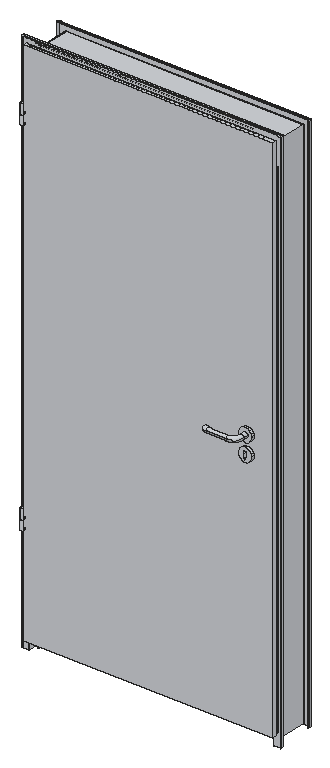
Revit family "BOS-Umfassungszarge-DIN-18111-1-MW_Familie", category Türen, Revit 2017
Family settings
  Basisbauteil = Wand
  Immer vertikal = Ja
  Beim Laden mit Abzugskörper schneiden = Nein
  Gemeinsam genutzt = Nein
  Raumberechnungspunkt = Ja
Parameters (values of type "Uud nach DIN 18111-1")
  Öffnungswínkel [instance] = if(Öffnungswinkel   Aperture < Öffnungswinkel min., Öffnungswinkel min., if(Öffnungswinkel   Aperture > Öffnungswinkel max., Öffnungswinkel max., Öffnungswinkel   Aperture))  # 0.00°
  Öffnungswinkel min. = 0.00°  # constant formula
  Öffnungswinkel max. = 180.00°  # constant formula
  Öffnungswinkel   Aperture [instance] = 0.00°
  Türblattaufschlag = 13 mm  # constant formula
  Türblattabstand unten = 7 mm  # constant formula
  Türblattabstand oben = 4 mm  # constant formula
  Türblattabstand links-rechts = 3.5 mm  # constant formula
  Stanzungenextrusionsende [instance] = Stanzungenextrusionsbeginn + 1.5 mm  # -8.5 mm
  Stanzungenextrusionsbeginn [instance] = -Putzwinkel vorne  # -10 mm
  Spiegel vorne min. = 30 mm  # constant formula
  Spiegel vorne max. = 30 mm  # constant formula
  Spiegel hinten min. = 30 mm  # constant formula
  Spiegel hinten max. = 30 mm  # constant formula
  Sickentiefe = 10 mm  # constant formula
  RNH Rohbau_Nennmaß_Höhe   Nominal Wall Opening Height Measurement [instance] = FMH Falzmaß Höhe + Einfügepunkt  # 2130 mm
  RNB Rohbau_Nennmaß_Breite   Nominal Wall Opening Width Measurement [instance] = FMB Falzmaß Breite + (2 * Einfügepunkt)  # 1010 mm
  Putzwinkel min. = 8 mm  # constant formula
  Putzwinkel max. = 28 mm  # constant formula
  Maßauswahl Hinweis sichtbar = yes
  MW Maulweite [instance] = if(Auswahl MW Maulweite   Receiving Opening Choice < 2, 80 mm, if(Auswahl MW Maulweite   Receiving Opening Choice = 2, 100 mm, if(Auswahl MW Maulweite   Receiving Opening Choice = 3, 130 mm, if(Auswahl MW Maulweite   Receiving Opening Choice = 4, 145 mm, if(Auswahl MW Maulweite   Receiving Opening Choice = 5, 160 mm, if(Auswahl MW Maulweite   Receiving Opening Choice = 6, 175 mm, if(Auswahl MW Maulweite   Receiving Opening Choice = 7, 205 mm, if(Auswahl MW Maulweite   Receiving Opening Choice = 8, 270 mm, if(Auswahl MW Maulweite   Receiving Opening Choice = 9, 290 mm, 330 mm)))))))))  # 145 mm
  Drehpunktreferenz horizontal = 500 mm  # constant formula
  Türblattversatz vertikal = -7.5 mm  # constant formula
  Türblattversatz  horizontal = 9.5 mm  # constant formula
  Türblattabstand 3 = 4.5 mm  # constant formula
  Türblattabstand 2 = 4.5 mm  # constant formula
  Türblattabstand 1 = if(Gefälzt, 1.5 mm, -2 mm)  # 1.5 mm
  Wandstärke   Wall Thickness [instance] = 145 mm
  Stumpf = 1 > 2  # no
  Putzwinkel vorne   Backbend Front [instance] = 10 mm  # constant formula
  Putzwinkel hinten   Backbend Back [instance] = 10 mm  # constant formula
  LDH Lichte Durchgangs Höhe   Clearance Height [instance] = FMH Falzmaß Höhe - Falzaufschlag gesamt  # 2093 mm
  LDB Lichte Durchgangs Breite   Clearance Width [instance] = FMB Falzmaß Breite - (2 * Falzaufschlag gesamt)  # 936 mm
  Gefälzt = [Uud nach DIN 18111-1]  # yes
  URL = "www.BestOfSteel.de/stahlzargen/zargen-fuer-drehfluegeltueren/zargen-gemaess-din/"
  Türblattstärke 3 = if(Doppelfalz, Falztiefe 2, 0 mm)  # 0 mm
  Türblattstärke 2 = Türblattstärke - Türblattstärke 1 - Türblattstärke 3  # 25.5 mm
  Türblattstärke 1 = if(Gefälzt, 14.5 mm, 0 mm)  # 14.5 mm
  Türblattstärke = if(Einfachfalz, 40 mm, 65 mm)  # 40 mm
  Typenbild = <Keine Auswahl>
  Spiegel vorne   Architrave Front [instance] = 30 mm  # constant formula
  Spiegel vorne [instance] = if(Spiegel vorne   Architrave Front < Spiegel vorne min., Spiegel vorne min., if(Spiegel vorne   Architrave Front > Spiegel vorne max., Spiegel vorne max., Spiegel vorne   Architrave Front))  # 30 mm
  Spiegel hinten   Architrave Back [instance] = 30 mm  # constant formula
  Spiegel hinten [instance] = if(Spiegel hinten   Architrave Back < Spiegel hinten min., Spiegel hinten min., if(Spiegel hinten   Architrave Back > Spiegel hinten max., Spiegel hinten max., Spiegel hinten   Architrave Back))  # 30 mm
  Rough Height = 0 mm  # constant formula
  Rough Width = 0 mm  # constant formula
  Rechtliche Hinweise [instance] = "www.BestOfSteel.de/tools-downloads/bim-building-information-modeling/"
  Putzwinkel vorne [instance] = if(Putzwinkel vorne   Backbend Front < Putzwinkel min., Putzwinkel min., if(Putzwinkel vorne   Backbend Front > Putzwinkel max., Putzwinkel max., Putzwinkel vorne   Backbend Front))  # 10 mm
  Putzwinkel hinten [instance] = if(Putzwinkel hinten   Backbend Back < Putzwinkel min., Putzwinkel min., if(Putzwinkel hinten   Backbend Back > Putzwinkel max., Putzwinkel max., Putzwinkel hinten   Backbend Back))  # 10 mm
  Information in English = no
  GT Gesamttiefe [instance] = GT Gesamttiefe_Zarge   Total Profile Depth  # 165 mm
  Funktion = Innen
  Falztiefe gesamt = if(Einfachfalz, Falztiefe, Falztiefe + Falztiefe 2)  # 28.5 mm
  Falztiefe 2 = 25 mm  # constant formula
  Falztiefe = Türblattstärke 2 - Türblattabstand 1 + Türblattabstand 2  # 28.5 mm
  Falzaufschlag gesamt = if(Einfachfalz, Falzaufschlag, 2 * Falzaufschlag)  # 15 mm
  FMH Falzmaß Höhe [instance] = if(Auswahl FMH Falzmaß Höhe   Rebate Height Measurement Choice < 2, 1983 mm, 2108 mm)  # 2108 mm
  FMB Falzmaß Breite [instance] = if(Auswahl FMB Falzmaß Breite   Rebate Width Measurement Choice < 2, 716 mm, if(Auswahl FMB Falzmaß Breite   Rebate Width Measurement Choice = 2, 841 mm, if(Auswahl FMB Falzmaß Breite   Rebate Width Measurement Choice = 3, 966 mm, 1091 mm)))  # 966 mm
  Drückerhöhe [instance] = if(Drückerhöhe   Handle Height < 850 mm, 850 mm, if(Drückerhöhe   Handle Height > 1050 mm, 1050 mm, Drückerhöhe   Handle Height))  # 1050 mm
  Drehpunkt Warnung sichtbar = yes
  Drehpunkt Warnung [instance] = and(Drehpunkt Warnung sichtbar, not(Öffnungswínkel = 0.00°))  # no
  Doppelfalz = 1 > 2  # no
  Einfachfalz = [Uud nach DIN 18111-1]  # yes
  Dichtungsversatz vertikal 1 [instance] = Falztiefe + 10 mm - Putzwinkel vorne  # 28.5 mm
  Dichtungsversatz horizontal 1 [instance] = 0 mm  # constant formula
  Dichtung 1 = or(Einfachfalz, Doppelfalz)  # yes
  Drehpunktposition vertikal [instance] = (Wandstärke   Wall Thickness / 2) + Putzwinkel vorne + [Drehpunktabstand (SP) vertikal]  # 91 mm
  Drehpunktposition horizontal [instance] = Drehpunktreferenz horizontal + Einfügepunkt + FMB Falzmaß Breite + [Drehpunktabstand (FM) horizontal]  # 1507 mm
  Drehpunktabstand (FM) horizontal = 19 mm  # constant formula
  Drehpunktabstand (SP) vertikal = 8.5 mm  # constant formula
  DIN Richtung [instance] = "DIN links/DIN rechts verwendbar"  # constant formula
  Bänder - Auswahl [instance] = "2D Bänder gefälzt, Bandaufnahmen BTV10200"  # constant formula
  Blechstärke = 1.5 mm  # constant formula
  BE max. = 100 mm  # constant formula
  BE Bodeneinstand [instance] = if(BE Bodeneinstand   Foundation Bedding < 0 mm, 0 mm, if(BE Bodeneinstand   Foundation Bedding > BE max., BE max., BE Bodeneinstand   Foundation Bedding))  # 30 mm
  Auswahl MW Maulweite   Receiving Opening Choice [instance] = 4
  Auswahl FMH Falzmaß Höhe   Rebate Height Measurement Choice [instance] = 2
  Auswahl FMB Falzmaß Breite   Rebate Width Measurement Choice [instance] = 3
  Modell = "Uud nach DIN 18111-1"
  Material - Zarge = none
  Material - Türblatt = none
  Material - Drückergarnitur = none
  Material - Dichtung = none
  Material - Bänder = none
  Material = "grundiert, feuerverzinktes Feinblech nach DIN EN 10143"
  Height [instance] = RNH Rohbau_Nennmaß_Höhe   Nominal Wall Opening Height Measurement  # 2130 mm
  Hersteller = "BOS GmbH Best Of Steel, Lütkenfelde 4, D-48282 Emsdetten"
  GT Gesamttiefe_Zarge   Total Profile Depth [instance] = MW Maulweite + Putzwinkel vorne + Putzwinkel hinten  # 165 mm
  MW Fehler [instance] = not(Wandstärke   Wall Thickness = MW Maulweite)  # no
  Einfügepunkt = 22 mm  # constant formula
  Drückerhöhe   Handle Height [instance] = 1050 mm  # constant formula
  Dicke = 0 mm  # constant formula
  Uud nach DIN 18111-1 = yes
  Width = 0 mm  # constant formula
  Beschreibung = "Umfassungszarge nach DIN 18111-1 für Mauerwerk, gefälzt"
  Bauelement = "BOS Stahlzarge"
  BOS-Architekten-Beratung = "Tel.: +49 (0) 2572 203-203; E-Mail: architekten@BestOfSteel.de"
  BE Bodeneinstand   Foundation Bedding [instance] = 30 mm  # constant formula
  BBL1 Bandbezugslinie   Hinge Position 1 = 241 mm  # constant formula
  BA Bandabstand   Distance Between Hinges [instance] = if(FMH Falzmaß Höhe < 1546 mm, 935 mm, if(FMH Falzmaß Höhe < 1671 mm, 1060 mm, if(FMH Falzmaß Höhe < 1796 mm, 1185 mm, if(FMH Falzmaß Höhe < 1921 mm, 1310 mm, if(FMH Falzmaß Höhe < 2171 mm, 1435 mm, if(FMH Falzmaß Höhe < 2296 mm, 1685 mm, if(FMH Falzmaß Höhe < 2421 mm, 1810 mm, if(FMH Falzmaß Höhe < 2546 mm, 1935 mm, if(FMH Falzmaß Höhe < 2671 mm, 2060 mm, if(FMH Falzmaß Höhe < 2796 mm, 2185 mm, 2310 mm))))))))))  # 1435 mm
  Falzaufschlag = 15 mm  # constant formula
  Technische Infos rund um die Stahlzarge = "www.BestOfSteel.de/tools-downloads/technische-infos-rund-um-die-stahlzarge/"
  Info-Texte sichtbar = yes
Reference planes
  plane 1 "Wand": y = 0
  plane 2 "Mitte (Links/rechts)": x = 125
  plane 3 "Hinten": y = 72.5
  plane 4 "Vorne": y = -72.5
  plane 5 "RNB links": x = -380
  plane 6 "RNB rechts": x = 630
  plane 7 "RNH oben": z = 2130
  plane 8 "BBL1": z = 1867
  plane 9 "Drückerhöhe": z = 1050
  plane 10 "BBL2": z = 432
  plane 11 "BE": z = -30
  plane 12 "FMH oben": z = 2108
  plane 13 "BE max.": z = -100
  plane 14 "FMB links": x = -358
  plane 15 "FMB rechts": x = 608
  plane 16 "Drehpunkt vertikal": y = -91
  plane 17 "Drehpunkt horizontal": x = -377
  plane 18 "Drehpunktreferenz horizontal": x = 1130
Forms (mm)
  Sweep 1, solid, material <- "Material - Zarge", visible <- "Einfachfalz", detail levels medium+fine
    path origin (0, -72.5, 0) x (-1, 0, 0) y (0, 0, 1)
      loop
        line (380, -30) -> (380, 2130) -> (-630, 2130) -> (-630, -30)
    profile "BOS-Uud_Profil : BOS-Uud_Profil" origin (-380, -72.5, 1050) x (1, 0, 0) y (0, 1, 0)
      loop
        arc (37, 152.5) -> (36.268, 154.268) -> (34.5, 155) r 2.5
        line (34.5, 155) -> (9.5, 155)
        arc (9.5, 155) -> (7.732, 154.268) -> (7, 152.5) r 2.5
        line (7, 152.5) -> (7, 145) -> (8.5, 145) -> (8.5, 152.5)
        arc (8.5, 152.5) -> (8.793, 153.207) -> (9.5, 153.5) r 1
        line (9.5, 153.5) -> (34.5, 153.5)
        arc (34.5, 153.5) -> (35.207, 153.207) -> (35.5, 152.5) r 1
        line (35.5, 152.5) -> (35.5, 21.25)
        arc (35.5, 21.25) -> (34.135, 20.005) -> (33.021, 21.479) r 1.25
        line (33.021, 21.479) -> (33.949, 26.449)
        arc (33.949, 26.449) -> (33.308, 28.917) -> (31, 30) r 3
        line (31, 30) -> (23, 30)
        arc (23, 30) -> (21.232, 29.268) -> (20.5, 27.5) r 2.5
        line (20.5, 27.5) -> (20.5, -7.5)
        arc (20.5, -7.5) -> (20.207, -8.207) -> (19.5, -8.5) r 1
        line (19.5, -8.5) -> (-5.5, -8.5)
        arc (-5.5, -8.5) -> (-6.207, -8.207) -> (-6.5, -7.5) r 1
        line (-6.5, -7.5) -> (-6.5, 0) -> (-8, 0) -> (-8, -7.5)
        arc (-8, -7.5) -> (-7.268, -9.268) -> (-5.5, -10) r 2.5
        line (-5.5, -10) -> (19.5, -10)
        arc (19.5, -10) -> (21.268, -9.268) -> (22, -7.5) r 2.5
        line (22, -7.5) -> (22, 27.5)
        arc (22, 27.5) -> (22.293, 28.207) -> (23, 28.5) r 1
        line (23, 28.5) -> (31, 28.5)
        arc (31, 28.5) -> (32.154, 27.958) -> (32.475, 26.725) r 1.5
        line (32.475, 26.725) -> (31.547, 21.755)
        arc (31.547, 21.755) -> (33.996, 18.512) -> (37, 21.25) r 2.75
        line (37, 21.25) -> (37, 152.5)
  Sweep 2, solid, material <- "Material - Dichtung", visible <- "Dichtung 1", detail levels medium+fine
    path origin (0, -72.5, 0) x (-1, 0, 0) y (0, 0, 1)
      loop
        line (358, 0) -> (358, 2108) -> (-608, 2108) -> (-608, 0)
    profile "BOS-Dichtung_Profil : BOS-Dichtung_Profil" origin (-358, -72.5, 1054) x (1, 0, 0) y (0, 1, 0)
      loop
        arc (2.601, 27.263) -> (2.248, 27.116) -> (2.102, 26.763) r 0.5
        line (2.102, 26.763) -> (2.102, 22.634)
        arc (2.102, 22.634) -> (2.243, 22.254) -> (2.599, 22.057) r 0.584
        line (2.599, 22.057) -> (7.702, 21.28)
        arc (7.702, 21.28) -> (8.08, 21.392) -> (8.234, 21.754) r 0.462
        line (8.234, 21.754) -> (8.069, 25.992)
        arc (8.069, 25.992) -> (7.918, 26.403) -> (7.556, 26.65) r 0.716
        arc (7.556, 26.65) -> (5.104, 27.16) -> (2.601, 27.263) r 15.257
      loop
        arc (2.671, 20.957) -> (2.274, 20.838) -> (2.102, 20.46) r 0.501
        line (2.102, 20.46) -> (2.102, 17.565)
        arc (2.102, 17.565) -> (2.227, 17.151) -> (2.561, 16.874) r 0.75
        line (2.561, 16.874) -> (9.159, 15)
        arc (9.159, 15) -> (9.738, 14.926) -> (10.314, 15.026) r 1.962
        arc (10.314, 15.026) -> (11.596, 15.754) -> (12.503, 16.916) r 3.79
        arc (12.503, 16.916) -> (12.466, 17.289) -> (12.114, 17.416) r 0.351
        arc (12.114, 17.416) -> (9.731, 17.818) -> (8.301, 19.767) r 3.215
        arc (8.301, 19.767) -> (8.101, 20.097) -> (7.751, 20.259) r 0.66
        line (7.751, 20.259) -> (2.671, 20.957)
      loop
        arc (9.885, 26.692) -> (6.361, 28.049) -> (2.611, 28.5) r 15.273
        arc (2.611, 28.5) -> (1.229, 28.241) -> (0, 27.558) r 4.388
        arc (0, 27.558) -> (-0.126, 27.198) -> (0.203, 27.005) r 0.3
        line (0.203, 27.005) -> (1.052, 27.179) -> (1.052, 22.212) -> (0.253, 21.589)
        arc (0.253, 21.589) -> (0.158, 21.198) -> (0.517, 21.017) r 0.324
        arc (0.517, 21.017) -> (0.888, 20.925) -> (1.052, 20.58) r 0.446
        line (1.052, 20.58) -> (1.052, 17.338) -> (0.255, 16.575)
        arc (0.255, 16.575) -> (0.205, 16.209) -> (0.55, 16.077) r 0.297
        arc (0.55, 16.077) -> (1.217, 16.194) -> (1.892, 16.137) r 2.63
        line (1.892, 16.137) -> (9.198, 14.049)
        arc (9.198, 14.049) -> (9.621, 14.008) -> (10.045, 14.024) r 3.219
        arc (10.045, 14.024) -> (12.714, 15.531) -> (14.033, 18.298) r 5.088
        arc (14.033, 18.298) -> (13.874, 18.708) -> (13.442, 18.788) r 0.451
        line (13.442, 18.788) -> (12.151, 18.352)
        arc (12.151, 18.352) -> (10.406, 18.72) -> (9.336, 20.147) r 2.533
        line (9.336, 20.147) -> (9.088, 25.569)
        arc (9.088, 25.569) -> (9.253, 25.964) -> (9.663, 26.087) r 0.501
        arc (9.663, 26.087) -> (10.021, 26.299) -> (9.885, 26.692) r 0.329
  Extrusion 3, void
    sketch origin (0, -72.5, 0) x (-1, 0, 0) y (0, 0, 1)
      loop
        line (379, 1867) -> (375, 1867) -> (375, 1832) -> (379, 1832) -> (379, 1867)
      loop
        line (379, 432) -> (375, 432) -> (375, 397) -> (379, 397) -> (379, 432)
      loop
        line (-629, 432) -> (-629, 397) -> (-625, 397) -> (-625, 432) -> (-629, 432)
      loop
        line (-629, 1867) -> (-629, 1832) -> (-625, 1832) -> (-625, 1867) -> (-629, 1867)
    from -10 <- "Stanzungenextrusionsbeginn" to -8.5 <- "Stanzungenextrusionsende"
  Sweep 4, void
    path origin (0, -72.5, 0) x (-1, 0, 0) y (0, 0, 1)
      loop
        line (380, 0) -> (380, 2130) -> (-125, 2130)
    profile origin (-380, -72.5, 1065) x (1, 0, 0) y (0, 1, 0)
      loop
        line (20.5, 0) -> (505, 0) -> (505, 145) -> (35.5, 145) -> (35.5, 30) -> (23, 30)
        arc (23, 30) -> (21.232, 29.268) -> (20.5, 27.5) r 2.5
        line (20.5, 27.5) -> (20.5, 0)
  Sweep 5, void
    path origin (0, -72.5, 0) x (-1, 0, 0) y (0, 0, 1)
      loop
        line (-630, 0) -> (-630, 2130) -> (-125, 2130)
    profile origin (630, -72.5, 1065) x (1, 0, 0) y (0, 1, 0)
      loop
        line (-505, 145) -> (-505, 0) -> (-20.5, 0) -> (-20.5, 27.5)
        arc (-20.5, 27.5) -> (-21.232, 29.268) -> (-23, 30) r 2.5
        line (-23, 30) -> (-35.5, 30) -> (-35.5, 145) -> (-505, 145)
Cuts and joins
  Extrusion 3 cuts Sweep 1
Lines and regions (mm)
  reference lines
    curve 1: line (65, 622.5, 0) -> (185, 622.5, 0)
    curve 2: line (-377, -91, 0) -> (323, -91, 0)
    curve 3: line (65, -322.5, 0) -> (185, -322.5, 0)
    curve 4: line (190.024, -615.948, 0) -> (59.976, -615.948, 0)
    curve 5: line (65, 122.5, 0) -> (185, 122.5, 0)
  symbolic lines, style "DoorsHiddenLines"
    curve 6: arc (630, -72.5, 0) -> (334.178, -786.678, 0) -> (-380, -1082.5, 0) r 1010
  symbolic lines, style "Doors"
    curve 7: line (-380, -72.5, 0) -> (-380, -1082.5, 0)
Text (mm)
  text "Außen     " at (-1696.17, 830.944, 0), in view "Ref.-Ebene"
  text "Außen" at (0, 1409.804, 2854.306), in view "Links"
  text "Placement side" at (0, 499.811, 2980.732), in view "Rechts"
Dimensions and locks
  locked: plane 3 "Hinten" to host wall
  locked: host wall to plane 4 "Vorne" at 0
  equal spacing: plane 5 "RNB links", plane 2 "Mitte (Links/rechts)", plane 6 "RNB rechts"
  "RNB Rohbau_Nennmaß_Breite   Nominal Wall Opening Width Measurement": plane 5 "RNB links" to plane 6 "RNB rechts"
  "Drückerhöhe": level to plane 9 "Drückerhöhe"
  "BE Bodeneinstand": plane 11 "BE" to level
  "Wandstärke   Wall Thickness": host wall to host wall
  "BBL1 Bandbezugslinie   Hinge Position 1": plane 12 "FMH oben" to plane 8 "BBL1"
  "BA Bandabstand   Distance Between Hinges": plane 8 "BBL1" to plane 10 "BBL2"
  "FMH Falzmaß Höhe": plane 12 "FMH oben" to level
  "RNH Rohbau_Nennmaß_Höhe   Nominal Wall Opening Height Measurement": plane 7 "RNH oben" to level
  curve 4 to curve 3 to plane 4 "Vorne" to plane 3 "Hinten" to curve 5 to curve 1 = 293.448 mm, 250 mm, 145 mm, 50 mm, 500 mm
  "BE max.": level to plane 13 "BE max."
  equal spacing: plane 14 "FMB links", plane 2 "Mitte (Links/rechts)", plane 15 "FMB rechts"
  "FMB Falzmaß Breite": plane 14 "FMB links" to plane 15 "FMB rechts"
  "Drehpunktreferenz horizontal": plane 6 "RNB rechts" to plane 18 "Drehpunktreferenz horizontal"
  "Drehpunktposition horizontal": plane 17 "Drehpunkt horizontal" to plane 18 "Drehpunktreferenz horizontal"
  Extrusion 3 sketch curve to plane 14 "FMB links" = 17 mm  (x2)
  Extrusion 3 sketch curve to plane 15 "FMB rechts" = 17 mm  (x2)
  "Drehpunktposition vertikal": plane 16 "Drehpunkt vertikal" to plane 1 "Wand"
  "Öffnungswínkel": angle curve 2 to plane 16 "Drehpunkt vertikal"
  aligned and locked: plane 1 "Wand" to host wall
  aligned and locked: plane 6 "RNB rechts" to nested 1
  aligned and locked: nested 1 to plane 4 "Vorne"
  aligned and locked: plane 9 "Drückerhöhe" to nested 1
  aligned and locked: Sweep 2 sketch curve to plane 14 "FMB links"
  aligned and locked: Sweep 2 sketch curve to plane 12 "FMH oben"
  aligned and locked: Sweep 2 sketch curve to plane 15 "FMB rechts"
  aligned and locked: plane 16 "Drehpunkt vertikal" to curve 2
  aligned and locked: plane 17 "Drehpunkt horizontal" to curve 2
  aligned and locked: plane 5 "RNB links" to nested 8
  aligned and locked: plane 4 "Vorne" to nested 8
  aligned and locked: plane 6 "RNB rechts" to nested 9
  aligned and locked: nested 9 to plane 4 "Vorne"
  aligned and locked: nested 2 to nested 8  (x2)
  aligned and locked: curve 1 to nested 3
  aligned and locked: plane 2 "Mitte (Links/rechts)" to nested 3
  aligned and locked: curve 5 to nested 7
  aligned and locked: plane 2 "Mitte (Links/rechts)" to nested 7
  aligned and locked: plane 18 "Drehpunktreferenz horizontal" to nested 4
  aligned and locked: plane 1 "Wand" to nested 4
  aligned and locked: curve 3 to nested 5
  aligned and locked: nested 5 to plane 2 "Mitte (Links/rechts)"
  aligned and locked: plane 10 "BBL2" to Extrusion 3 sketch curve
  aligned and locked: Extrusion 3 sketch curve to plane 10 "BBL2"
  aligned and locked: Extrusion 3 sketch curve to plane 8 "BBL1"
  aligned and locked: plane 8 "BBL1" to Extrusion 3 sketch curve
  aligned and locked: Sweep 4 sketch curve to plane 7 "RNH oben"
  aligned and locked: plane 2 "Mitte (Links/rechts)" to Sweep 4 sketch curve
  aligned and locked: plane 5 "RNB links" to Sweep 4 sketch curve
  aligned and locked: level to Sweep 4 sketch curve
  aligned and locked: Sweep 4 sketch curve to plane 2 "Mitte (Links/rechts)"
  aligned and locked: Sweep 4 sketch curve to nested 8  (x2)
  aligned and locked: nested 8 to Sweep 4 sketch curve  (x2)
  aligned and locked: Sweep 4 sketch curve to cut or joined group of Sweep 1, Extrusion 3
  aligned and locked: plane 7 "RNH oben" to Sweep 5 sketch curve
  aligned and locked: plane 2 "Mitte (Links/rechts)" to Sweep 5 sketch curve
  aligned and locked: plane 6 "RNB rechts" to Sweep 5 sketch curve
  aligned and locked: level to Sweep 5 sketch curve
  aligned and locked: Sweep 5 sketch curve to plane 2 "Mitte (Links/rechts)"
  aligned and locked: Sweep 5 sketch curve to nested 9  (x2)
  aligned and locked: nested 9 to Sweep 5 sketch curve  (x2)
  aligned and locked: nested 11 to plane 10 "BBL2"
  aligned and locked: plane 8 "BBL1" to nested 10
  aligned and locked: plane 17 "Drehpunkt horizontal" to nested 11
  aligned and locked: plane 16 "Drehpunkt vertikal" to nested 10
  aligned and locked: plane 16 "Drehpunkt vertikal" to nested 11
  aligned and locked: nested 12 to curve 2
  aligned and locked: Sweep 5 sketch curve to cut or joined group of Sweep 1, Extrusion 3
  aligned and locked: plane 17 "Drehpunkt horizontal" to nested 10
  aligned and locked: nested 6 to curve 4
  aligned and locked: nested 6 to plane 2 "Mitte (Links/rechts)"
Automatic sketch dimensions
  Sweep 1 sketch curve to plane 6 "RNB rechts" = 0 mm
  Sweep 1 sketch curve to plane 5 "RNB links" = 0 mm
  Sweep 1 sketch curve to plane 11 "BE" = 0 mm  (x2)
  Sweep 1 sketch curve to plane 7 "RNH oben" = 0 mm
  Sweep 2 sketch curve to level = 0 mm  (x2)
  curve 7 to plane 5 "RNB links" = 0 mm
  host wall to curve 6 = 0 mm
  curve 6 to plane 6 "RNB rechts" = 0 mm
  host wall to curve 7 = 0 mm
  Extrusion 3 sketch curve to plane 6 "RNB rechts" = 1 mm  (x2)
  plane 5 "RNB links" to Extrusion 3 sketch curve = 1 mm  (x2)
  Extrusion 3 sketch curve to Extrusion 3 sketch curve = 35 mm  (x4)
  curve 4 to plane 2 "Mitte (Links/rechts)" = 65.024 mm
  curve 5 to plane 2 "Mitte (Links/rechts)" = 60 mm
  curve 3 to plane 2 "Mitte (Links/rechts)" = 60 mm
  curve 1 to plane 2 "Mitte (Links/rechts)" = 60 mm
  plane 2 "Mitte (Links/rechts)" to curve 3 = 60 mm
  plane 2 "Mitte (Links/rechts)" to curve 1 = 60 mm
  plane 2 "Mitte (Links/rechts)" to curve 5 = 60 mm
  plane 2 "Mitte (Links/rechts)" to curve 4 = 65.024 mm
Nested families
  nested 1: "BOS-BOS_Modell" at (630, -72.5, 1050), type "BOS-BOS_Modell", not visible
  nested 2: "BOS-Logo_Modell" at (-368, 49.201, 0), type "BOS-Logo_Modell", detail levels fine
    with Abstand horizontal 4 mm
  nested 3: "BOS-Info-Texte_Beschriftung" at (125, 621.545, 0), visible <- "Info-Texte sichtbar", type "Technische Hinweise Norm"
  nested 4: "BOS-Info-Texte_Beschriftung" at (1130, -0.955, 0), visible <- "MW Fehler", type "Maulweite Fehlermeldung"
  nested 5: "BOS-Info-Texte_Beschriftung" at (125, -323.455, 0), visible <- "Drehpunkt Warnung", type "Drehpunkt Warnung"
  nested 6: "BOS-Info-Texte_Beschriftung" at (125, -616.903, 0), visible <- "Info-Texte sichtbar", type "Rechtliche Hinweise"
  nested 7: "BOS-Info-Texte_Beschriftung" at (125, 121.545, 0), visible <- "Maßauswahl Hinweis sichtbar", type "Maßauswahl"
  nested 8: "BOS-loser-Nagelanker_Detail" at (-365, -22.5, 0), type "BOS-loser-Nagelanker_Detail", detail levels fine
    with MW Maulweite 145 mm
  nested 9: "BOS-loser-Nagelanker_Detail" at (615, -22.5, 0) x (-1, 0, 0) z (0, 0, 1), type "BOS-loser-Nagelanker_Detail", detail levels fine
    with MW Maulweite 145 mm
  nested 10: "BOS-Band-V_Modell" at (-396.402, -114.5, 1867), type "BOS-Band-V_Modell", detail levels fine
    with Rechtliche Hinweise "www.BestOfSteel.de/tools-downloads/bim-building-information-modeling/"
  nested 11: "BOS-Band-V_Modell" at (-396.402, -114.5, 432), type "BOS-Band-V_Modell", detail levels fine
    with Rechtliche Hinweise "www.BestOfSteel.de/tools-downloads/bim-building-information-modeling/"
  nested 12: "BOS-Türblatt_Modell" at (125, -87.5, 0), type "BOS-Türblatt_Modell", detail levels medium+fine
    with Türblattversatz vertikal -7.5 mm, Türblattversatz horizontal 9.5 mm, Drehpunktabstand vertikal 72.5 mm, Drehpunktabstand horizontal 483 mm
Definition of nested family "BOS-Band-V_Modell"
  Parameters (values of type "BOS-Band-V_Modell")
    Öffnungswinkel = 0.00°
    URL = "www.BestOfSteel.de"
    Stumpf = no
    Rechtliche Hinweise [instance] = "www.BestOfSteel.de/tools-downloads/bim-building-information-modeling/"
    Model = ""
    Material - Bänder = none
    Gefälzt = yes
    Drehwinkel = abs(Öffnungswinkel)  # 0.00°
    Description = "Band V gefälzt oder stumpf"
    Keynote = "BOS Modell"
    BOS-Architekten-Beratung = "Tel.: +49 (0) 2572 203-203; E-Mail: architekten@BestOfSteel.de"
    Technische Infos rund um die Stahlzarge = "www.BestOfSteel.de/tools-downloads/technische-infos-rund-um-die-stahlzarge/"
  Reference planes
    plane 1: y = 23.5
    plane 2: z = 0
    plane 3: x = 19.402
  Forms (mm)
    Extrusion 1, solid, material <- "Material - Bänder"
      sketch origin (15.533, 25.102, 0) x (1, 0, 0) y (0, 1, 0)
        loop
          circle (3.869, -1.602) r 7.5
      from -0.5 to -38
    Extrusion 2, solid, material <- "Material - Bänder", visible <- "Stumpf"
      sketch origin (19.402, 23.5, 0) x (1, 0, 0) y (0, 1, 0)
        loop
          arc (6.632, 3.501) -> (7.125, 2.343) -> (7.416, 1.118) r 7.5
          line (7.416, 1.118) -> (24.009, 8.202)
          arc (24.009, 8.202) -> (25.113, 9.123) -> (25.527, 10.501) r 2.5
          line (25.527, 10.501) -> (23.027, 10.501) -> (6.632, 3.501)
      from 0.5 to 36
    Extrusion 3, solid, material <- "Material - Bänder", visible <- "Gefälzt"
      sketch origin (19.402, 23.5, 0) x (0, 0, 1) y (0, 1, 0)
        loop
          circle (19, 0) r 4
      from 0 to -9.5
    Extrusion 4, solid, material <- "Material - Bänder", visible <- "Gefälzt"
      sketch origin (19.402, 23.5, 0) x (0, 1, 0) y (-1, 0, 0)
        loop
          circle (0, 0) r 7.5
      from 0.5 to 38
    Extrusion 5, solid, material <- "Material - Bänder"
      sketch origin (0, 0, 0) x (1, 0, 0) y (0, 1, 0)
        loop
          line (17.944, 32) -> (17.944, 23.5) -> (20.859, 23.5) -> (20.859, 32) -> (17.944, 32)
      from -35 to -0.5
  Lines and regions (mm)
    reference lines
      curve 1: line (19.402, 23.5, 0) -> (124.402, 23.5, 0)
  Dimensions and locks
    "Drehwinkel": angle curve 1 to plane 1
    aligned and locked: level to plane 2
  Automatic sketch dimensions
    plane 1 to Extrusion 1 sketch curve = 0 mm
    Extrusion 1 sketch curve to plane 3 = 0 mm
    plane 1 to Extrusion 4 sketch curve = 0 mm
    Extrusion 4 sketch curve to plane 3 = 0 mm
    plane 1 to Extrusion 5 sketch curve = 0 mm
    Extrusion 5 sketch curve to plane 3 = 1.457 mm
    plane 3 to Extrusion 5 sketch curve = 1.457 mm
    Extrusion 5 sketch curve to plane 1 = 8.5 mm
    Extrusion 2 sketch curve to curve 1 = 0 mm  (x2)
    curve 1 to Extrusion 2 sketch curve = 6.632 mm
    Extrusion 2 sketch curve to curve 1 = 1.118 mm
    Extrusion 2 sketch curve to Extrusion 2 sketch curve = 0.784 mm
    Extrusion 2 sketch curve to Extrusion 2 sketch curve = 16.395 mm
    Extrusion 2 sketch curve to Extrusion 2 sketch curve = 0 mm
    Extrusion 2 sketch curve to curve 1 = 8.202 mm
    Extrusion 2 sketch curve to Extrusion 2 sketch curve = 0.982 mm
    Extrusion 2 sketch curve to Extrusion 2 sketch curve = 2.5 mm
    level to Extrusion 3 sketch curve = 19 mm
    plane 1 to curve 1 = 0 mm
    curve 1 to plane 3 = 0 mm
    radius of Extrusion 1 sketch curve = 7.5 mm
    radius of Extrusion 4 sketch curve = 7.5 mm
    radius of Extrusion 3 sketch curve = 4 mm
Definition of nested family "BOS-Türblatt_Modell"
  Parameters (values of type "BOS-Türblatt_Modell")
    Default Elevation = 1219.2 mm
    URL = "www.BestOfSteel.de"
    Türblattversatz vertikal = -3.5 mm
    Türblattversatz horizontal = 11.5 mm
    Technische Infos rund um die Stahlzarge = "www.BestOfSteel.de/tools-downloads/technische-infos-rund-um-die-stahlzarge/"
    Türblattaufschlag = 13 mm
    Türblattstärke 3 = 0 mm
    Türblattstärke 2 = 25.5 mm
    Türblattstärke 1 = 14.5 mm
    Türblattstärke = 40 mm
    Türblattabstand oben = 4 mm
    Türblattabstand unten = 7 mm
    Türblattabstand links-rechts = 3.5 mm
    TAH3 Türblatt Außenmaß Höhe 3 = FMH Zargen Falzmaß Höhe - Falzaufschlag - Türblattabstand oben - Türblattabstand unten  # 2082 mm
    TAH2 Türblatt Außenmaß Höhe 2 = FMH Zargen Falzmaß Höhe - Türblattabstand oben - Türblattabstand unten  # 2097 mm
    TAH Türblatt Außenmaß Höhe = FMH Zargen Falzmaß Höhe + if(Gefälzt, Türblattaufschlag, 0 mm) - Türblattabstand oben - Türblattabstand unten  # 2110 mm
    Stumpf = no
    Rechtliche Hinweise = "www.BestOfSteel.de/tools-downloads/bim-building-information-modeling/"
    Material - Türblatt = none
    Material - Drückergarnitur = none
    Glastürdrücker DIN rechts = no
    Glastürdrücker DIN links = no
    Gefälzt = yes
    FMH Zargen Falzmaß Höhe = 2108 mm
    FMB Zargen Falzmaß Breite = 966 mm
    Einfachfalz = yes
    Drückerhöhe = 1050 mm
    Drückerabstand = 100 mm
    Drehpunktabstand vertikal = (2 * Türblattstärke) + Türblattversatz vertikal  # 76.5 mm
    Drehpunktabstand horizontal = (TAB Türblatt Außenmass Breite / 2) + if(DIN links   DIN Left, -Türblattversatz horizontal, TAB Türblatt Außenmass Breite + Türblattversatz horizontal)  # 481 mm
    Doppelfalz = no
    Drückergarnitur DIN rechts = no
    Drückergarnitur DIN links = yes
    DIN rechts   DIN Right = no
    DIN links   DIN Left = yes
    Description = "Holz- oder Glastürblatt, mit Drücker, gefälzt oder stumpf"
    Keynote = "BOS Türblatt"
    TAB3 Türblatt Außenmass Breite Türblatt 3 = FMB Zargen Falzmaß Breite - 2 * (Falzaufschlag + [Türblattabstand links-rechts])  # 929 mm
    TAB Türblatt Außenmass Breite = FMB Zargen Falzmaß Breite + 2 * (if(Gefälzt, Türblattaufschlag, 0 mm) - [Türblattabstand links-rechts])  # 985 mm
    TAB2 Türblatt Außenmass Breite Türblatt 2 = FMB Zargen Falzmaß Breite - 2 * ([Türblattabstand links-rechts])  # 959 mm
    Falzaufschlag = 15 mm
    BOS-Architekten-Beratung = "Tel.: +49 (0) 2572 203-203, Fax -209; E-Mail: architekten@BestOfSteel.de"
  Reference planes
    plane 1: y = -7
    plane 2: z = 0
    plane 3: x = 0
    plane 4: z = 7
    plane 5: z = 2117
    plane 6: x = -492.5
    plane 7: x = 492.5
    plane 8: x = -479.5
    plane 9: x = 479.5
    plane 10: x = 464.5
    plane 11: x = -464.5
    plane 12: y = 7.5
    plane 13: y = 33
    plane 14: y = 33
    plane 15: z = 2104
    plane 16: z = 2089
    plane 17: x = -392.5
    plane 18: x = 392.5
    plane 19: y = 73
    plane 20: z = 1050
    plane 21: x = -502.5
    plane 22: x = 502.5
    plane 23: z = 2127
    plane 24: x = -985
    plane 25: x = -504
    plane 26: y = -3.5
  Forms (mm)
    Extrusion 1, solid, material <- "Material - Türblatt", detail levels medium+fine
      sketch origin (0, 0, 0) x (1, 0, 0) y (0, 1, 0)
        loop
          line (-492.5, 33) -> (-492.5, -7) -> (492.5, -7) -> (492.5, 33) -> (-492.5, 33)
      from 7 to 2117
    Extrusion 2, void
      sketch origin (0, 0, 0) x (1, 0, 0) y (0, 1, 0)
        loop
          line (-502.5, 73) -> (-502.5, 7.5) -> (-479.5, 7.5) -> (-479.5, 33) -> (-464.5, 33) -> (-464.5, 73) -> (-502.5, 73)
        loop
          line (464.5, 73) -> (464.5, 33) -> (479.5, 33) -> (479.5, 7.5) -> (502.5, 7.5) -> (502.5, 73) -> (464.5, 73)
      from 7 to 2117
    Extrusion 3, void
      sketch origin (0, 0, 0) x (0, 1, 0) y (0, 0, 1)
        loop
          line (73, 2127) -> (7.5, 2127) -> (7.5, 2104) -> (33, 2104) -> (33, 2089) -> (73, 2089) -> (73, 2127)
      from -492.5 to 492.5
  Cuts and joins
    Extrusion 2, Extrusion 3 cuts Extrusion 1
  Dimensions and locks
    "Türblattabstand unten": plane 4 to plane 2
    equal spacing: plane 6, plane 3, plane 7
    "TAB Türblatt Außenmass Breite": plane 6 to plane 7
    equal spacing: plane 8, plane 3, plane 9
    "TAB2 Türblatt Außenmass Breite Türblatt 2": plane 8 to plane 9
    equal spacing: plane 11, plane 3, plane 10
    "TAB3 Türblatt Außenmass Breite Türblatt 3": plane 11 to plane 10
    "Türblattstärke 1": plane 1 to plane 12
    "Türblattstärke 2": plane 13 to plane 12
    "Türblattstärke 3": plane 14 to plane 13
    "TAH Türblatt Außenmaß Höhe": plane 5 to plane 4
    "TAH2 Türblatt Außenmaß Höhe 2": plane 15 to plane 4
    "TAH3 Türblatt Außenmaß Höhe 3": plane 16 to plane 4
    "Drückerabstand": plane 6 to plane 17
    "Drückerabstand": plane 18 to plane 7
    "Türblattstärke": plane 19 to plane 14
    "Drückerhöhe": plane 20 to plane 2
    plane 21 to plane 6 = 10 mm
    plane 7 to plane 22 = 10 mm
    plane 23 to plane 5 = 10 mm
    "Drehpunktabstand horizontal": plane 24 to plane 25
    "TAB Türblatt Außenmass Breite": plane 24 to plane 3
    "Drehpunktabstand vertikal": plane 19 to plane 26
    aligned and locked: level to plane 2
    aligned and locked: Extrusion 1 sketch curve to plane 1
    aligned and locked: Extrusion 1 sketch curve to plane 6
    aligned and locked: Extrusion 1 sketch curve to plane 14
    aligned and locked: Extrusion 1 sketch curve to plane 7
    aligned and locked: Extrusion 1 to plane 4
    aligned and locked: plane 5 to Extrusion 1
    aligned and locked: plane 19 to Extrusion 2 sketch curve
    aligned and locked: plane 11 to Extrusion 2 sketch curve
    aligned and locked: plane 13 to Extrusion 2 sketch curve  (x2)
    aligned and locked: plane 8 to Extrusion 2 sketch curve
    aligned and locked: Extrusion 2 sketch curve to plane 12
    aligned and locked: plane 10 to Extrusion 2 sketch curve
    aligned and locked: plane 9 to Extrusion 2 sketch curve
    aligned and locked: plane 12 to Extrusion 2 sketch curve
    aligned and locked: Extrusion 2 sketch curve to plane 19
    aligned and locked: Extrusion 2 to plane 4
    aligned and locked: plane 5 to Extrusion 2
    aligned and locked: Extrusion 3 sketch curve to plane 12
    aligned and locked: plane 19 to Extrusion 3 sketch curve
    aligned and locked: Extrusion 3 sketch curve to plane 16
    aligned and locked: Extrusion 3 sketch curve to plane 15
    aligned and locked: Extrusion 3 sketch curve to plane 13
    aligned and locked: plane 7 to Extrusion 3
    aligned and locked: Extrusion 3 to plane 6
    aligned and locked: plane 22 to Extrusion 2 sketch curve
    aligned and locked: Extrusion 2 sketch curve to plane 21
    aligned and locked: plane 23 to Extrusion 3 sketch curve
    aligned and locked: nested 1 to plane 20
    aligned and locked: plane 20 to nested 3
    aligned and locked: plane 20 to nested 2
    aligned and locked: nested 4 to plane 20
    aligned and locked: nested 1 to plane 17
    aligned and locked: nested 3 to plane 17
    aligned and locked: nested 2 to plane 18
    aligned and locked: nested 4 to plane 18
    aligned and locked: plane 1 to nested 1
    aligned and locked: nested 3 to plane 14
    aligned and locked: plane 14 to nested 4
    aligned and locked: nested 2 to plane 1
  Nested families
    nested 1: "BOS-Drückergarnitur_Modell" at (-392.5, -7, 1050), visible <- "Drückergarnitur DIN rechts", type "BOS-Drückergarnitur_Modell", detail levels fine
    nested 2: "BOS-Drückergarnitur_Modell" at (392.5, -7, 1050) x (-1, 0, 0) z (0, 0, 1), visible <- "Drückergarnitur DIN links", type "BOS-Drückergarnitur_Modell", detail levels fine
    nested 3: "BOS-Drückergarnitur_Modell" at (-392.5, 33, 1050), visible <- "Drückergarnitur DIN rechts", type "BOS-Drückergarnitur_Modell", detail levels fine
    nested 4: "BOS-Drückergarnitur_Modell" at (392.5, 33, 1050) x (-1, 0, 0) z (0, 0, 1), visible <- "Drückergarnitur DIN links", type "BOS-Drückergarnitur_Modell", detail levels fine
  Definition of nested family "BOS-Drückergarnitur_Modell"
    Parameters (values of type "BOS-Drückergarnitur_Modell")
      URL = "www.BestOfSteel.de"
      Rechtliche Hinweise = "www.BestOfSteel.de/tools-downloads/bim-building-information-modeling/"
      Material - Drückergarnitur = none
      Description = "Drücker und Rosette"
      Keynote = "BOS Drückergarnitur"
      BOS-Architekten-Beratung = "Tel.: +49 (0) 2572 203-203, Fax -209; E-Mail: architekten@BestOfSteel.de"
      Allgemeine Informationen zu Stahlzargen = "www.BestOfSteel.de/tools-downloads/technische-infos-rund-um-die-stahlzarge/"
    Reference planes
      plane 1: y = 0
      plane 2: z = 0
      plane 3: x = 0
    Forms (mm)
      Sweep 1, solid, material <- "Material - Drückergarnitur"
        path origin (0, 0, 0) x (1, 0, 0) y (0, 1, 0)
          loop
            line (0, 0) -> (0, -10)
        profile origin (0, -5, 0) x (1, 0, 0) y (0, 0, 1)
          loop
            circle (0, 0) r 26
      Sweep 2, solid, material <- "Material - Drückergarnitur"
        path origin (0, 0, 0) x (1, 0, 0) y (0, 1, 0)
          loop
            line (0, -10) -> (0, -30.336)
            arc (0, -30.336) -> (8.201, -50.135) -> (28, -58.336) r 28
            line (28, -58.336) -> (108.063, -58.336)
            arc (108.063, -58.336) -> (116.614, -56.829) -> (124.133, -52.487) r 25
        profile origin (0, -20.168, 0) x (1, 0, 0) y (0, 0, 1)
          loop
            circle (0, 0) r 9
      Sweep 3, solid, material <- "Material - Drückergarnitur"
        path origin (0, 0, -70) x (1, 0, 0) y (0, 1, 0)
          loop
            line (0, 0) -> (0, -10)
        profile origin (0, -5, -70) x (1, 0, 0) y (0, 0, 1)
          loop
            circle (0, 0) r 26
          loop
            arc (-4.3, -12.6) -> (0, -16.9) -> (4.3, -12.6) r 4.3
            line (4.3, -12.6) -> (4.3, 0)
            arc (4.3, 0) -> (7.07, 8.305) -> (0, 13.47) r 7.421
            arc (0, 13.47) -> (-7.07, 8.305) -> (-4.3, 0) r 7.421
            line (-4.3, 0) -> (-4.3, -12.6)
    Dimensions and locks
      plane 2 to Sweep 3 = 70 mm
    Automatic sketch dimensions
      Sweep 1 sketch curve to plane 3 = 0 mm
      plane 1 to Sweep 1 sketch curve = 0 mm
      plane 1 to Sweep 1 sketch curve = 10 mm
      level to Sweep 1 sketch curve = 0 mm
      profile plane to Sweep 1 sketch curve = 0 mm
      Sweep 2 sketch curve to plane 3 = 0 mm
      plane 3 to Sweep 2 sketch curve = 28 mm
      plane 1 to Sweep 2 sketch curve = 33.336 mm
      Sweep 2 sketch curve to Sweep 2 sketch curve = 80.063 mm
      plane 1 to Sweep 2 sketch curve = 58.336 mm
      Sweep 2 sketch curve to Sweep 2 sketch curve = 16.07 mm
      plane 1 to Sweep 2 sketch curve = 10 mm
      level to Sweep 2 sketch curve = 0 mm
      profile plane to Sweep 2 sketch curve = 0 mm
      Sweep 3 sketch curve to plane 3 = 0 mm
      plane 1 to Sweep 3 sketch curve = 0 mm
      plane 1 to Sweep 3 sketch curve = 10 mm
      Sweep 3 sketch curve to Sweep 3 sketch curve = 0 mm  (x2)
      Sweep 3 sketch curve to profile plane = 0 mm  (x2)
      profile plane to Sweep 3 sketch curve = 0 mm  (x3)
      Sweep 3 sketch curve to Sweep 3 sketch curve = 4.3 mm
      Sweep 3 sketch curve to Sweep 3 sketch curve = 12.6 mm
      profile plane to Sweep 3 sketch curve = 6.049 mm
      radius of Sweep 1 sketch curve = 26 mm
      radius of Sweep 2 sketch curve = 9 mm
      radius of Sweep 3 sketch curve = 26 mm
Definition of nested family "BOS-BOS_Modell"
  Parameters (values of type "BOS-BOS_Modell")
    Abstand = 22 mm
  Reference planes
    plane 1 "Mitte (Vorne/hinten)": y = 0
    plane 2: z = 0
    plane 3 "Mitte (Links/rechts)": x = 0
    plane 4 "BOS": x = -22
  Dimensions and locks
    "Abstand": plane 4 "BOS" to plane 3 "Mitte (Links/rechts)"
    aligned and locked: level to plane 2
    aligned and locked: plane 1 "Mitte (Vorne/hinten)" to text3d elem
    aligned and locked: text3d elem to level
Definition of nested family "BOS-Logo_Modell"
  Parameters (values of type "BOS-Logo_Modell")
    URL = "www.BestOfSteel.de"
    Rechtliche Hinweise = "www.BestOfSteel.de/tools-downloads/bim-building-information-modeling/"
    Description = "BOS Logo"
    Keynote = "BOS Logo"
    BOS-Architekten-Beratung = "Tel.: +49 (0) 2572 203-203; E-Mail: architekten@BestOfSteel.de"
    Technische Infos rund um die Stahlzarge = "www.BestOfSteel.de/tools-downloads/technische-infos-rund-um-die-stahlzarge/"
    Abstand vertikal = 10 mm
    Abstand horizontal = 15 mm
  Reference planes
    plane 1: y = 0
    plane 2: z = 0
    plane 3: x = 0
    plane 4: x = -7
    plane 5: x = 7
    plane 6: y = 8.299
    plane 7: x = 15
    plane 8: y = 4.15
    plane 9: x = -15
    plane 10: y = 14.15
    plane 11: y = -5.85
  Dimensions and locks
    plane 4 to plane 3 to plane 5 = 7 mm, 7 mm
    "Abstand vertikal": plane 11 to plane 8 to plane 10
    plane 6 to plane 8 to plane 1 = 4.15 mm, 4.15 mm
    "Abstand horizontal": plane 9 to plane 3
    "Abstand horizontal": plane 3 to plane 7
    aligned and locked: level to plane 2
Definition of nested family "BOS-Info-Texte_Beschriftung"
  Parameters (values of type "Drehpunkt Warnung")
    Unten = no
    Schwarz = yes
    Rot = no
    Oben = yes
    Info-Text En unten = "Kein Text"
    Info-Text De unten = "Kein Text"
    Info-Text En oben = "The actual pivot point of the door leaf\r\nmay differ from the one illustrated!"
    Englisch unten rot = and(and(Unten, Englisch), Rot)  # no
    Englisch unten schwarz = and(and(Unten, Englisch), Schwarz)  # no
    Englisch oben rot = and(and(Oben, Englisch), Rot)  # no
    Englisch oben schwarz = and(and(Oben, Englisch), Schwarz)  # no
    Info-Text De oben = "Der tatsächliche Drehpunkt des Türblattes\r\nkann von der Darstellung abweichen!"
    Warndreieck = no
    Fehlerkreis = no
    Englisch = no
    Deutsch unten rot = and(and(Unten, Deutsch), Rot)  # no
    Deutsch unten schwarz = and(and(Unten, Deutsch), Schwarz)  # no
    Deutsch oben rot = and(and(Oben, Deutsch), Rot)  # no
    Deutsch oben schwarz = and(and(Oben, Deutsch), Schwarz)  # yes
    Deutsch = not(Englisch)  # yes
    Ausrufezeichen = "!"
  Types (12, lengths in mm): name | Unten | Schwarz | Rot | Oben | Info-Text En unten | Info-Text De unten | Info-Text En oben | Info-Text De oben | Warndreieck | Fehlerkreis | Deutsch unten schwarz | Deutsch oben rot | Deutsch oben schwarz
    Rechtliche Hinweise | no | yes | no | yes | "Kein Text" | "Kein Text" | "In accordance with the protection note according to DIN 34, the ownership and copyrights are reserved!\r\n© 2016 BOS GmbH, Emsdetten, Germany -\r\nObserve the ISO 16016 protective label (see ID data)!\r\n\r\nSubject to technical change!" | "Entsprechend dem Schutzvermerk nach DIN 34 behalten wir uns Eigentum und Urheberrecht vor!\r\n© 2016 BOS GmbH, Emsdetten, Deutschland -\r\nSchutzvermerk ISO 16016 beachten (siehe ID-Daten)!\r\n\r\nTechnische Änderungen vorbehalten!" | no | no | no | no | yes
    Maulweite Fehlermeldung | no | yes | no | yes | "Kein Text" | "Kein Text" | "Check the wall thickness!" | "Wandstärke prüfen!" | no | yes | no | no | yes
    Verstellbereich | no | yes | no | yes | "Kein Text" | "Kein Text" | "Adjustment area from -5 to +15mm,\r\nother adjustment areas possible" | "Verstellbereich von -5 bis +15mm\r\nanderer Verstellbereich möglich" | no | no | no | no | yes
    Verstellbereich wSvdW | no | yes | no | yes | "Kein Text" | "Kein Text" | "Adjustment area in the soffit from -2 to +15mm,\r\nother adjustment areas possible" | "Verstellbereich in der Zargenleibung von -2 bis +15mm\r\nanderer Verstellbereich möglich" | no | no | no | no | yes
    Wandartauswahl 15Nz15Z | no | yes | no | yes | "Kein Text" | "Kein Text" | "Attention for stud walls: underlay from site required!\r\nFor DIN door leaves, select larger structural wall measurements.\r\nFor selection \"stud walls\":\r\nsee 'Features' (remove tick for brick walls)" | "Achtung bei Ständerwerk: bauseitige Unterfütterung erforderlich!\r\nBei DIN-Türblatt Rohbaumaße größer wählen.\r\nFür Auswahl \"Ständerwerk\": \r\nsiehe 'Eigenschaften' (Häkchen entfernen bei Mauerwerk)." | no | no | no | no | yes
    Technische Hinweise | no | yes | no | yes | "Kein Text" | "Kein Text" | "Due to manufacturing reasons this Revit family may not be changed\r\nwithout consulting BOS!\r\n\r\nDo not mirror frames (door list)!\r\nsee ‘Features’: DIN left / DIN right\r\n\r\nThe solid and stud walls or, for example, their profiles,\r\nmust be designed so that they can reliably and sustainably\r\nabsorb the static and dynamic forces resulting\r\nfrom the load on the door element used." | "Diese Revit-Familie darf aus fertigungstechnischen Gründen\r\nnicht ohne Rücksprache mit BOS abgeändert werden!\r\n\r\nZargen nicht spiegeln (Türliste)!\r\nsiehe 'Eigenschaften': DIN links / DIN rechts\r\n\r\nDie Massiv- und Ständerwerkswände bzw. deren Profile\r\nmüssen so ausgebildet sein, dass sie die statischen\r\nund dynamischen Kräfte, welche sich aus der Belastung\r\nder verwendeten Türelements ergeben, zuverlässig\r\nund nachhaltig aufnehmen können." | no | no | no | no | yes
    Drückerhöhe Warnung | yes | yes | no | no | "Please take the handle depth/height and/or DIN opening direction into account" | "Drückertiefen/-höhen und/oder DIN Richtungen beachten/anpassen!" | "Kein Text" | "Kein Text" | yes | no | yes | no | no
    Maulweite-Dehnungsfuge Fehlermeldung | no | yes | no | yes | "Kein Text" | "Kein Text" | "Check the wall thickness and/or expansion joint!" | "Wandstärke und/oder Dehnungsfuge prüfen!" | no | yes | no | no | yes
    Technische Hinweise Norm | no | yes | no | yes | "Kein Text" | "Kein Text" | "Due to manufacturing reasons this Revit family may not be changed\r\nwithout consulting BOS!\r\n\r\nThe solid and stud walls or, for example, their profiles,\r\nmust be designed so that they can reliably and sustainably\r\nabsorb the static and dynamic forces resulting\r\nfrom the load on the door element used." | "Diese Revit-Familie darf aus fertigungstechnischen Gründen\r\nnicht ohne Rücksprache mit BOS abgeändert werden!\r\n\r\nDie Massiv- und Ständerwerkswände bzw. deren Profile\r\nmüssen so ausgebildet sein, dass sie die statischen\r\nund dynamischen Kräfte, welche sich aus der Belastung\r\nder verwendeten Türelements ergeben, zuverlässig\r\nund nachhaltig aufnehmen können." | no | no | no | no | yes
    Maßauswahl | no | no | yes | yes | "Kein Text" | "Kein Text" | "To choose  Rebate Width/Height Measurement, Receiving Opening\r\nsee 'Features'" | "Auswahl von FMB, FMH, MW\r\nunter 'Eigenschaften'" | no | no | no | yes | no
    Rohbaumaß Warnung | no | yes | no | yes | "Kein Text" | "Kein Text" | "For DIN door leaves, select larger structural wall measurements!\r\nWhen changing the architrave widths, the structural measurements change accordingly." | "Bei DIN-Türblatt Rohbaumaße größer wählen!\r\nBei Änderung der Spiegelbreiten, Rohbaumaße beachten." | no | no | no | no | yes
    Drehpunkt Warnung | no | yes | no | yes | "Kein Text" | "Kein Text" | "The actual pivot point of the door leaf\r\nmay differ from the one illustrated!" | "Der tatsächliche Drehpunkt des Türblattes\r\nkann von der Darstellung abweichen!" | no | no | no | no | yes
  Reference planes
    plane 1: y = 0.955
    plane 2: x = 0
  Lines and regions (mm)
    Filled region 1, type "Gefüllter Bereich Gelb", visible <- "Warndreieck"
      outline origin (-7.188, 1.747, 0) x (1, 0, 0) y (0, 1, 0)
        loop
          line (5.951, -3.033) -> (8.413, -3.033) -> (7.182, -0.9) -> (5.951, -3.033)
    Filled region 2, type "Gefüllter Bereich Rot", visible <- "Fehlerkreis"
      outline origin (0, -3.763, 0) x (1, 0, 0) y (0, 1, 0)
        loop
          circle (0, 3.1) r 1.5
        loop
          line (-0.937, 3.486) -> (-0.937, 2.686) -> (1.023, 2.686) -> (1.023, 3.486) -> (-0.937, 3.486)
    Filled region 3, type "Gefüllter Bereich Weiss", visible <- "Fehlerkreis"
      outline origin (-7.014, -2.062, 0) x (1, 0, 0) y (0, 1, 0)
        loop
          line (6.077, 1.785) -> (6.077, 0.985) -> (8.038, 0.985) -> (8.038, 1.785) -> (6.077, 1.785)
  Text (mm)
    label "Info-Text De oben schwarz" at (0.065, 1.415, 0), shows "Info-Text De oben", visible <- "Deutsch oben schwarz"
    label "!" at (0.065, -0.414, 0), shows "Ausrufezeichen", visible <- "Warndreieck"
    label "Info-Text En oben schwarz" at (0.065, 1.415, 0), shows "Info-Text En oben", visible <- "Englisch oben schwarz"
    label "Info-Text De unten schwarz" at (0.218, -2.468, 0), shows "Info-Text De unten", visible <- "Deutsch unten schwarz"
    label "Info-Text En unten schwarz" at (0.065, -2.419, 0), shows "Info-Text En unten", visible <- "Englisch unten schwarz"
    label "Info-Text En oben rot" at (0.065, 1.415, 0), shows "Info-Text En oben", visible <- "Englisch oben rot"
    label "Info-Text En unten rot" at (0.065, -2.419, 0), shows "Info-Text En unten", visible <- "Englisch unten rot"
    label "Info-Text De unten rot" at (0.065, -2.419, 0), shows "Info-Text De unten", visible <- "Deutsch unten rot"
    label "Info-Text De oben rot" at (-0.371, 1.396, 0), shows "Info-Text De oben", visible <- "Deutsch oben rot"
Definition of nested family "BOS-loser-Nagelanker_Detail"
  Parameters (values of type "BOS-loser-Nagelanker_Detail")
    URL = "www.BestOfSteel.de"
    Spiegel vorne = 30 mm
    Spiegel hinten = 30 mm
    Rechtliche Hinweise = "www.BestOfSteel.de/tools-downloads/bim-building-information-modeling/"
    MW Maulweite = 200 mm
    Technische Infos rund um die Stahlzarge = "www.BestOfSteel.de/tools-downloads/technische-infos-rund-um-die-stahlzarge/"
    Manufacturer = "BOS GmbH Best Of Steel, Lütkenfelde 4, D-48282 Emsdetten"
    Falzaufschlag gesamt = 15 mm
    Einfügepunkt = 22 mm
    Blechstärke = 1.5 mm
    Description = "loser Nagelanker"
    Keynote = "BOS Detail"
    BOS-Architekten-Beratung = "Tel.: +49 (0) 2572 203-203; E-Mail: architekten@BestOfSteel.de"
  Reference planes
    plane 1: z = 0
    plane 2: y = 150
    plane 3: x = -15
    plane 4: y = -35
    plane 5: y = 135
    plane 6: y = -50
    plane 7: x = 20.5
    plane 8: x = 5.5
    plane 9: x = -135
    plane 10: x = 7
    plane 11: x = 22
    plane 12: x = -10
    plane 13: x = -23
    plane 14: x = -21.5
    plane 15: x = -8
    plane 16: x = -6.5
    plane 17: y = 50
  Lines and regions (mm)
    detail lines, in view "Ref.-Ebene"
      curve 1: line (-135, 135, 0) -> (-10, 135, 0)
      curve 2: line (-10, 135, 0) -> (-10, -35, 0)
      curve 3: line (-10, -35, 0) -> (-135, -35, 0)
      curve 4: arc (-34.337, -35, 0) -> (-33.363, -35.12, 0) -> (-32.448, -35.474, 0) r 4
      curve 5: arc (-19.082, -45.443, 0) -> (-20.049, -45.337, 0) -> (-20.971, -45.026, 0) r 4.486
      curve 6: arc (0.529, -42.5, 0) -> (5.437, -46.685, 0) -> (2.08, -52.192, 0) r 4.97
      curve 7: arc (0.529, -45.443, 0) -> (2.515, -47.062, 0) -> (1.329, -49.333, 0) r 2.027
      curve 8: arc (-7.45, -53.348, 0) -> (-5.088, -51.387, 0) -> (-2.253, -50.207, 0) r 10.319
      curve 9: line (-19.333, -42.5, 0) -> (-32.448, -35.474, 0)
      curve 10: line (-20.971, -45.026, 0) -> (-34.086, -38, 0)
      curve 11: line (-34.086, -38, 0) -> (-99.366, -38, 0)
      curve 12: line (2.08, -52.192, 0) -> (-21.179, -58.162, 0)
      curve 13: line (-21.49, -56.951, 0) -> (-7.45, -53.348, 0)
      curve 14: line (-2.253, -50.207, 0) -> (1.329, -49.333, 0)
      curve 15: line (0.529, -42.5, 0) -> (-19.333, -42.5, 0)
      curve 16: line (0.529, -45.443, 0) -> (-19.082, -45.443, 0)
      curve 17: line (-34.337, -35, 0) -> (-119.5, -35, 0)
      curve 18: arc (-104.855, -36.25, 0) -> (-102.239, -37.529, 0) -> (-99.366, -38, 0) r 9.994
      curve 19: line (-119.5, -35, 0) -> (-119.5, -36.25, 0)
      curve 20: line (-119.5, -36.25, 0) -> (-104.855, -36.25, 0)
      curve 21: line (-15, 135, 0) -> (-15, -35, 0)
      curve 39: arc (-19.337, 135, 0) -> (-18.363, 135.12, 0) -> (-17.448, 135.474, 0) r 4
      curve 40: arc (-4.082, 145.443, 0) -> (-5.049, 145.337, 0) -> (-5.971, 145.026, 0) r 4.486
      curve 41: arc (15.529, 142.5, 0) -> (20.437, 146.685, 0) -> (17.08, 152.192, 0) r 4.97
      curve 42: arc (15.529, 145.443, 0) -> (17.515, 147.062, 0) -> (16.329, 149.333, 0) r 2.027
      curve 43: arc (7.55, 153.348, 0) -> (9.912, 151.387, 0) -> (12.747, 150.207, 0) r 10.319
      curve 44: line (-4.333, 142.5, 0) -> (-17.448, 135.474, 0)
      curve 45: line (-5.971, 145.026, 0) -> (-19.086, 138, 0)
      curve 46: line (-19.086, 138, 0) -> (-84.366, 138, 0)
      curve 47: line (17.08, 152.192, 0) -> (-6.179, 158.162, 0)
      curve 48: line (-6.49, 156.951, 0) -> (7.55, 153.348, 0)
      curve 49: line (12.747, 150.207, 0) -> (16.329, 149.333, 0)
      curve 50: line (15.529, 142.5, 0) -> (-4.333, 142.5, 0)
      curve 51: line (15.529, 145.443, 0) -> (-4.082, 145.443, 0)
      curve 52: line (-19.337, 135, 0) -> (-104.5, 135, 0)
      curve 53: arc (-89.855, 136.25, 0) -> (-87.239, 137.529, 0) -> (-84.366, 138, 0) r 9.994
      curve 54: line (-104.5, 135, 0) -> (-104.5, 136.25, 0)
      curve 55: line (-104.5, 136.25, 0) -> (-89.855, 136.25, 0)
      curve 59: line (-6.49, 156.951, 0) -> (-6.179, 158.162, 0)
      curve 60: line (-21.49, -56.951, 0) -> (-21.179, -58.162, 0)
    detail lines, in view "Ref.-Ebene", not visible
      curve 22: arc (-156.874, -155.441, 0) -> (-155.9, -155.562, 0) -> (-154.985, -155.915, 0) r 4
      curve 23: arc (-141.619, -165.884, 0) -> (-142.586, -165.779, 0) -> (-143.507, -165.467, 0) r 4.486
      curve 24: arc (-122.007, -162.941, 0) -> (-117.1, -167.126, 0) -> (-120.456, -172.633, 0) r 4.97
      curve 25: arc (-122.007, -165.884, 0) -> (-120.022, -167.503, 0) -> (-121.207, -169.774, 0) r 2.027
      curve 26: arc (-129.986, -173.789, 0) -> (-127.624, -171.828, 0) -> (-124.79, -170.648, 0) r 10.319
      curve 27: line (-141.87, -162.941, 0) -> (-154.985, -155.915, 0)
      curve 28: line (-143.507, -165.467, 0) -> (-156.623, -158.441, 0)
      curve 29: line (-156.623, -158.441, 0) -> (-221.903, -158.441, 0)
      curve 30: line (-120.456, -172.633, 0) -> (-143.716, -178.603, 0)
      curve 31: line (-144.026, -177.393, 0) -> (-129.986, -173.789, 0)
      curve 32: line (-124.79, -170.648, 0) -> (-121.207, -169.774, 0)
      curve 33: line (-122.007, -162.941, 0) -> (-141.87, -162.941, 0)
      curve 34: line (-122.007, -165.884, 0) -> (-141.619, -165.884, 0)
      curve 35: line (-156.874, -155.441, 0) -> (-242.036, -155.441, 0)
      curve 36: arc (-227.391, -156.691, 0) -> (-224.776, -157.97, 0) -> (-221.903, -158.441, 0) r 9.994
      curve 37: line (-242.036, -155.441, 0) -> (-242.036, -156.691, 0)
      curve 38: line (-242.036, -156.691, 0) -> (-227.391, -156.691, 0)
      curve 61: line (-144.026, -177.393, 0) -> (-143.716, -178.603, 0)
    reference lines, in view "Ref.-Ebene"
      curve 56: line (-8, 165.107, 0) -> (-8, 127.938, 0)
      curve 57: line (-23, -65.107, 0) -> (-23, -27.938, 0)
    reference lines, in view "Ref.-Ebene", not visible
      curve 58: line (-145.536, -185.548, 0) -> (-145.536, -148.379, 0)
  Dimensions and locks
    plane 2 to plane 5 = 15 mm
    plane 6 to plane 4 = 15 mm
    "MW Maulweite": plane 6 to plane 2
    locked: plane 9 to plane 3 at 120
    "Blechstärke": plane 8 to plane 10
    "Einfügepunkt": plane 3 to plane 10
    "Blechstärke": plane 7 to plane 11
    "Falzaufschlag gesamt": plane 10 to plane 11
    "Blechstärke": plane 13 to plane 14
    "Spiegel vorne": plane 13 to plane 10
    plane 3 to plane 12 = 5 mm
    "Blechstärke": plane 15 to plane 16
    "Spiegel hinten": plane 15 to plane 11
    equal spacing: plane 2, plane 17, plane 6
    aligned and locked: plane 15 to curve 56
    aligned and locked: curve 52 to plane 5
    aligned and locked: plane 13 to curve 57
    aligned and locked: plane 4 to curve 17
  Automatic sketch dimensions
    curve 56 to curve 56 = 37.169 mm
    curve 57 to curve 57 = 37.169 mm
    curve 58 to curve 58 = 37.169 mm
    curve 54 to curve 55 = 14.645 mm
    curve 55 to curve 46 = 5.489 mm
    curve 46 to curve 53 = 0.163 mm
    curve 46 to curve 39 = 65.029 mm
    curve 39 to curve 46 = 0.251 mm
    curve 39 to curve 44 = 1.889 mm
    curve 45 to curve 50 = 1.638 mm
    curve 44 to curve 40 = 0.251 mm
    curve 49 to curve 43 = 2.503 mm
    curve 43 to curve 42 = 2.782 mm
    curve 41 to curve 49 = 0.8 mm
    curve 49 to curve 47 = 0.751 mm
    curve 53 to curve 52 = 6.993 mm
    curve 39 to curve 44 = 0.474 mm
    curve 52 to curve 55 = 1.25 mm
    curve 44 to curve 40 = 5.482 mm
    curve 40 to curve 50 = 1.544 mm
    curve 44 to curve 45 = 2.526 mm
    curve 51 to curve 41 = 2.027 mm
    curve 49 to curve 49 = 0.874 mm
    curve 49 to curve 48 = 3.141 mm
    curve 41 to curve 42 = 0 mm  (x4)
    curve 40 to curve 48 = 11.509 mm
    curve 48 to curve 47 = 1.211 mm
    curve 39 to curve 48 = 12.847 mm
    curve 48 to curve 59 = 0.311 mm
    curve 48 to curve 45 = 0.519 mm
    curve 19 to curve 20 = 14.645 mm
    curve 20 to curve 11 = 5.489 mm
    curve 11 to curve 18 = 0.163 mm
    curve 11 to curve 4 = 65.029 mm
    curve 4 to curve 11 = 0.251 mm
    curve 4 to curve 9 = 1.889 mm
    curve 10 to curve 15 = 1.638 mm
    curve 9 to curve 5 = 0.251 mm
    curve 14 to curve 8 = 2.503 mm
    curve 8 to curve 7 = 2.782 mm
    curve 6 to curve 14 = 0.8 mm
    curve 14 to curve 12 = 0.751 mm
    curve 17 to curve 18 = 6.993 mm
    curve 9 to curve 4 = 0.474 mm
    curve 20 to curve 17 = 1.25 mm
    curve 5 to curve 9 = 5.482 mm
    curve 15 to curve 5 = 1.544 mm
    curve 10 to curve 9 = 2.526 mm
    curve 6 to curve 16 = 2.027 mm
    curve 14 to curve 14 = 0.874 mm
    curve 13 to curve 14 = 3.141 mm
    curve 6 to curve 7 = 0 mm  (x4)
    curve 13 to curve 5 = 11.509 mm
    curve 12 to curve 13 = 1.211 mm
    curve 4 to curve 13 = 12.847 mm
    curve 13 to curve 60 = 0.311 mm
    curve 13 to curve 10 = 0.519 mm
    curve 37 to curve 38 = 14.645 mm
    curve 38 to curve 29 = 5.489 mm
    curve 29 to curve 36 = 0.163 mm
    curve 29 to curve 22 = 65.029 mm
    curve 22 to curve 29 = 0.251 mm
    curve 22 to curve 27 = 1.889 mm
    curve 28 to curve 33 = 1.638 mm
    curve 27 to curve 23 = 0.251 mm
    curve 32 to curve 26 = 2.503 mm
    curve 26 to curve 25 = 2.782 mm
    curve 24 to curve 32 = 0.8 mm
    curve 32 to curve 30 = 0.751 mm
    curve 35 to curve 36 = 6.993 mm
    curve 27 to curve 22 = 0.474 mm
    curve 38 to curve 35 = 1.25 mm
    curve 23 to curve 27 = 5.482 mm
    curve 33 to curve 23 = 1.544 mm
    curve 28 to curve 27 = 2.526 mm
    curve 24 to curve 34 = 2.027 mm
    curve 32 to curve 32 = 0.874 mm
    curve 31 to curve 32 = 3.141 mm
    curve 24 to curve 25 = 0 mm  (x4)
    curve 31 to curve 23 = 11.509 mm
    curve 30 to curve 31 = 1.211 mm
    curve 22 to curve 31 = 12.847 mm
    curve 31 to curve 61 = 0.311 mm
    curve 31 to curve 28 = 0.519 mm
    curve 3 to plane 4 = 0 mm
    curve 3 to plane 9 = 0 mm
    curve 1 to plane 9 = 0 mm
    curve 21 to plane 3 = 0 mm
    curve 2 to plane 12 = 0 mm
    plane 5 to curve 2 = 0 mm
